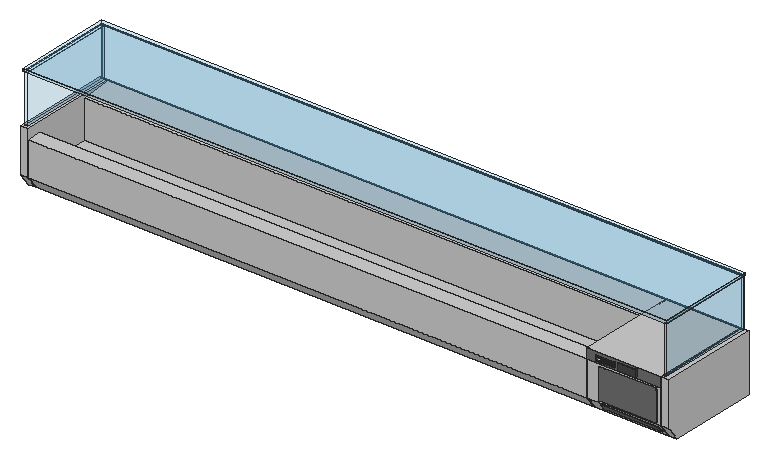
Revit family "Qf_Afinox_VRS2560V", category Specialty Equipment, Revit 2014
Parameters
  Show Logo [instance] = yes
  Show Clearance [instance] = yes
Reference planes
  plane 1 "Back": y = 0
  plane 2: z = 0
  plane 3 "Left": x = 0
  plane 4 "Right": x = 2560
  plane 5 "Front": y = -395
  plane 6 "Top": z = 225
Forms (mm)
  Extrusion 1, solid
    sketch origin (1460, 0, 0) x (0, 1, 0) y (0, 0, 1)
      loop
        line (0, 225) -> (-118.091, 213.424) -> (-118.091, 63.424) -> (-342.706, 63.424) -> (-342.706, 191.405) -> (-395, 186.278) -> (-395, 50) -> (-354.511, 0) -> (0, 0) -> (0, 225)
    from -1430 to 778
  Extrusion 2, solid
    sketch origin (0, 0, 0) x (0, 1, 0) y (0, 0, 1)
      loop
        line (0, 225) -> (-395, 225) -> (-395, 50) -> (-354.511, 0) -> (0, 0) -> (0, 225)
    from 0 to 30
  Extrusion 3, solid
    sketch origin (2530, 0, 0) x (0, 1, 0) y (0, 0, 1)
      loop
        line (0, 225) -> (-395, 225) -> (-395, 50) -> (-354.511, 0) -> (0, 0) -> (0, 225)
    from 0 to 30
  Extrusion 4, solid
    sketch origin (2500, 0, 0) x (0, 1, 0) y (0, 0, 1)
      loop
        line (0, 225) -> (-395, 225) -> (-395, 50) -> (-354.511, 0) -> (0, 0) -> (0, 225)
    from -262 to 30
  Extrusion 5, solid
    sketch origin (1460, -394, -0.038) x (1, 0, 0) y (0, 0, 1)
      loop
        arc (829.65, 178.011) -> (827.352, 177.059) -> (826.4, 174.761) r 3.25
        line (826.4, 174.761) -> (826.4, 59.261)
        arc (826.4, 59.261) -> (827.352, 56.963) -> (829.65, 56.011) r 3.25
        line (829.65, 56.011) -> (1050.15, 56.011)
        arc (1050.15, 56.011) -> (1052.448, 56.963) -> (1053.4, 59.261) r 3.25
        line (1053.4, 59.261) -> (1053.4, 174.761)
        arc (1053.4, 174.761) -> (1052.448, 177.059) -> (1050.15, 178.011) r 3.25
        line (1050.15, 178.011) -> (829.65, 178.011)
    from 0 to 2
  Extrusion 6, solid
    sketch origin (1460, -273.564, -98.372) x (1, 0, 0) y (0, -0.62932, 0.777146)
      loop
        arc (829.65, 178.011) -> (827.352, 177.059) -> (826.4, 174.761) r 3.25
        line (826.4, 174.761) -> (826.4, 141.843)
        arc (826.4, 141.843) -> (827.352, 139.544) -> (829.65, 138.593) r 3.25
        line (829.65, 138.593) -> (1050.15, 138.593)
        arc (1050.15, 138.593) -> (1052.448, 139.544) -> (1053.4, 141.843) r 3.25
        line (1053.4, 141.843) -> (1053.4, 174.761)
        arc (1053.4, 174.761) -> (1052.448, 177.059) -> (1050.15, 178.011) r 3.25
        line (1050.15, 178.011) -> (829.65, 178.011)
    from 0 to 2
  Extrusion 7, solid
    sketch origin (1452.335, -397, -1.215) x (1, 0, 0) y (0, 0, 1)
      loop
        line (912.065, 221.354) -> (912.065, 192.354) -> (983.065, 192.354) -> (983.065, 221.354) -> (912.065, 221.354)
    from 0 to 3
  Extrusion 8, solid, visible <- "Show Logo"
    sketch origin (2097.556, -397, -384.108) x (1, 0, 0) y (0, 0, 1)
      loop
        line (179.287, 599.596) -> (179.287, 579.899) -> (254.287, 579.899) -> (254.287, 599.596) -> (179.287, 599.596)
      loop
        line (199.226, 597.323) -> (199.226, 582.172) -> (253.014, 582.172) -> (253.014, 597.323) -> (199.226, 597.323)
      loop
        line (180.287, 597.323) -> (180.287, 582.172) -> (198.848, 582.172) -> (198.848, 597.323) -> (180.287, 597.323)
    from 0 to 2
  Extrusion 9, solid, visible <- "Show Logo"
    sketch origin (1304.53, -397, -622.718) x (1, 0, 0) y (0, 0, 1)
      loop
        arc (994.034, 825.04) -> (994.842, 823.416) -> (996.479, 824.198) r 1.293
        line (996.479, 824.198) -> (996.958, 825.22) -> (1000.192, 825.22) -> (1000.6, 824.198)
        arc (1000.6, 824.198) -> (1002.252, 823.366) -> (1003.039, 825.04) r 1.291
        line (1003.039, 825.04) -> (999.801, 832.415)
        arc (999.801, 832.415) -> (998.57, 833.402) -> (997.337, 832.418) r 1.263
        line (997.337, 832.418) -> (994.034, 825.04)
      loop
        line (999.576, 827.427) -> (998.603, 829.738) -> (997.631, 827.445) -> (999.576, 827.427)
      loop
        line (1004.344, 832.421) -> (1004.344, 824.556)
        arc (1004.344, 824.556) -> (1005.631, 823.448) -> (1006.918, 824.556) r 1.302
        line (1006.918, 824.556) -> (1006.918, 827.178) -> (1010.126, 827.178)
        arc (1010.126, 827.178) -> (1011.3, 828.493) -> (1010.126, 829.808) r 1.323
        line (1010.126, 829.808) -> (1006.918, 829.808) -> (1006.918, 830.954) -> (1010.126, 830.954)
        arc (1010.126, 830.954) -> (1011.264, 832.233) -> (1010.126, 833.511) r 1.287
        line (1010.126, 833.511) -> (1005.326, 833.511)
        arc (1005.326, 833.511) -> (1004.652, 833.13) -> (1004.344, 832.421) r 1.22
      loop
        line (1012.593, 832.457) -> (1012.593, 824.488)
        arc (1012.593, 824.488) -> (1013.928, 823.343) -> (1015.262, 824.488) r 1.35
        line (1015.262, 824.488) -> (1015.262, 832.457)
        arc (1015.262, 832.457) -> (1013.928, 833.516) -> (1012.593, 832.457) r 1.37
      loop
        arc (1019.372, 832.457) -> (1018.038, 833.516) -> (1016.703, 832.457) r 1.37
        line (1016.703, 832.457) -> (1016.703, 824.488)
        arc (1016.703, 824.488) -> (1018.038, 823.343) -> (1019.372, 824.488) r 1.35
        line (1019.372, 824.488) -> (1019.372, 828.473) -> (1022.448, 824.488)
        arc (1022.448, 824.488) -> (1023.783, 823.343) -> (1025.118, 824.488) r 1.35
        line (1025.118, 824.488) -> (1025.118, 832.457)
        arc (1025.118, 832.457) -> (1023.783, 833.516) -> (1022.448, 832.457) r 1.37
        line (1022.448, 832.457) -> (1022.448, 828.473) -> (1019.372, 832.457)
      loop
        circle (1031.159, 828.429) r 5.095
      loop
        circle (1031.159, 828.429) r 2.733
      loop
        line (1036.425, 831.5) -> (1038.763, 828.375) -> (1036.365, 825.267)
        arc (1036.365, 825.267) -> (1036.712, 823.621) -> (1038.393, 823.703) r 1.296
        line (1038.393, 823.703) -> (1040.42, 826.313) -> (1042.28, 823.703)
        arc (1042.28, 823.703) -> (1043.993, 823.58) -> (1044.434, 825.238) r 1.346
        line (1044.434, 825.238) -> (1042.048, 828.408) -> (1044.37, 831.408)
        arc (1044.37, 831.408) -> (1044.07, 833.196) -> (1042.269, 832.987) r 1.316
        line (1042.269, 832.987) -> (1040.366, 830.453) -> (1038.502, 833.054)
        arc (1038.502, 833.054) -> (1036.78, 833.19) -> (1036.425, 831.5) r 1.308
      loop
        line (1046.04, 835.933) -> (992.253, 835.933) -> (992.253, 820.782) -> (1046.04, 820.782) -> (1046.04, 835.933)
    from 0 to 2
  Extrusion 10, solid, visible <- "Show Logo"
    sketch origin (1297.402, -397, -442.664) x (1, 0, 0) y (0, 0, 1)
      loop
        line (980.441, 655.879) -> (980.441, 640.728) -> (999.001, 640.728) -> (999.001, 655.879) -> (980.441, 655.879)
      loop
        arc (982.146, 642.435) -> (982.404, 641.667) -> (983.211, 641.586) r 0.747
        line (983.211, 641.586) -> (989.781, 644.576) -> (996.334, 641.6)
        arc (996.334, 641.6) -> (997.088, 641.702) -> (997.296, 642.435) r 0.695
        line (997.296, 642.435) -> (990.231, 654.688)
        arc (990.231, 654.688) -> (989.721, 654.992) -> (989.211, 654.688) r 0.58
        line (989.211, 654.688) -> (982.146, 642.435)
    from 0 to 2
  Extrusion 11, solid, visible <- "Show Logo"
    sketch origin (1263.114, -397, -392.26) x (1, 0, 0) y (0, 0, 1)
      loop
        arc (1016.435, 592.031) -> (1016.693, 591.262) -> (1017.5, 591.182) r 0.747
        line (1017.5, 591.182) -> (1024.07, 594.172) -> (1030.623, 591.195)
        arc (1030.623, 591.195) -> (1031.377, 591.298) -> (1031.584, 592.031) r 0.695
        line (1031.584, 592.031) -> (1024.52, 604.283)
        arc (1024.52, 604.283) -> (1024.01, 604.588) -> (1023.5, 604.283) r 0.58
        line (1023.5, 604.283) -> (1016.435, 592.031)
      loop
        arc (1035.45, 594.582) -> (1036.258, 592.958) -> (1037.895, 593.739) r 1.293
        line (1037.895, 593.739) -> (1038.374, 594.762) -> (1041.608, 594.762) -> (1042.016, 593.739)
        arc (1042.016, 593.739) -> (1043.668, 592.908) -> (1044.455, 594.582) r 1.291
        line (1044.455, 594.582) -> (1041.218, 601.957)
        arc (1041.218, 601.957) -> (1039.986, 602.943) -> (1038.753, 601.959) r 1.263
        line (1038.753, 601.959) -> (1035.45, 594.582)
      loop
        line (1040.992, 596.969) -> (1040.02, 599.279) -> (1039.047, 596.987) -> (1040.992, 596.969)
      loop
        arc (1045.76, 594.097) -> (1047.047, 592.99) -> (1048.334, 594.097) r 1.302
        line (1048.334, 594.097) -> (1048.334, 596.72) -> (1051.542, 596.72)
        arc (1051.542, 596.72) -> (1052.716, 598.035) -> (1051.542, 599.35) r 1.323
        line (1051.542, 599.35) -> (1048.334, 599.35) -> (1048.334, 600.496) -> (1051.542, 600.496)
        arc (1051.542, 600.496) -> (1052.681, 601.774) -> (1051.542, 603.052) r 1.287
        line (1051.542, 603.052) -> (1046.742, 603.052)
        arc (1046.742, 603.052) -> (1046.069, 602.672) -> (1045.76, 601.962) r 1.22
        line (1045.76, 601.962) -> (1045.76, 594.097)
      loop
        arc (1054.01, 594.029) -> (1055.344, 592.884) -> (1056.679, 594.029) r 1.35
        line (1056.679, 594.029) -> (1056.679, 601.999)
        arc (1056.679, 601.999) -> (1055.344, 603.058) -> (1054.01, 601.999) r 1.37
        line (1054.01, 601.999) -> (1054.01, 594.029)
      loop
        arc (1058.12, 594.029) -> (1059.454, 592.884) -> (1060.789, 594.029) r 1.35
        line (1060.789, 594.029) -> (1060.789, 598.014) -> (1063.865, 594.029)
        arc (1063.865, 594.029) -> (1065.199, 592.884) -> (1066.534, 594.029) r 1.35
        line (1066.534, 594.029) -> (1066.534, 601.999)
        arc (1066.534, 601.999) -> (1065.199, 603.058) -> (1063.865, 601.999) r 1.37
        line (1063.865, 601.999) -> (1063.865, 598.014) -> (1060.789, 601.999)
        arc (1060.789, 601.999) -> (1059.454, 603.058) -> (1058.12, 601.999) r 1.37
        line (1058.12, 601.999) -> (1058.12, 594.029)
      loop
        circle (1072.575, 597.971) r 5.095
      loop
        circle (1072.575, 597.971) r 2.733
      loop
        line (1080.18, 597.917) -> (1077.782, 594.809)
        arc (1077.782, 594.809) -> (1078.129, 593.163) -> (1079.809, 593.245) r 1.296
        line (1079.809, 593.245) -> (1081.836, 595.854) -> (1083.697, 593.245)
        arc (1083.697, 593.245) -> (1085.409, 593.121) -> (1085.851, 594.78) r 1.346
        line (1085.851, 594.78) -> (1083.464, 597.949) -> (1085.787, 600.95)
        arc (1085.787, 600.95) -> (1085.486, 602.737) -> (1083.686, 602.528) r 1.316
        line (1083.686, 602.528) -> (1081.782, 599.994) -> (1079.918, 602.596)
        arc (1079.918, 602.596) -> (1078.197, 602.731) -> (1077.841, 601.041) r 1.308
        line (1077.841, 601.041) -> (1080.18, 597.917)
    from 0 to 2
  Extrusion 12, solid
    sketch origin (1325.935, -395, 3.646) x (1, 0, 0) y (0, 0, 1)
      loop
        line (912.065, 221.354) -> (912.065, 182.633) -> (1204.065, 182.633) -> (1204.065, 221.354) -> (912.065, 221.354)
    from 0 to 2
  Extrusion 13, solid
    sketch origin (1460, -6.8, 0) x (1, 0, 0) y (0, 0, 1)
      loop
        circle (1050, 20) r 5
    from -17.6 to -6.8
  Extrusion 14, solid
    sketch origin (1460, 0, 0) x (1, 0, 0) y (0, 0, 1)
      loop
        line (-1430, 13) -> (1070, 13) -> (1070, 186) -> (-1430, 186) -> (-1430, 13)
      loop
        circle (1050, 20) r 5
    from -10.8 to 0
  Extrusion 15, solid
    sketch origin (1455, 0, 0) x (0, 1, 0) y (0, 0, 1)
      loop
        line (-2, 428.598) -> (-391, 428.598) -> (-391, 416.598) -> (-2, 416.598) -> (-2, 428.598)
    from -1447.5 to 1097.5
  Extrusion 16, solid
    sketch origin (1460, 0, 0) x (0, 1, 0) y (0, 0, 1)
      loop
        line (-2, 416.598) -> (-8, 416.598) -> (-8, 225.598) -> (-2, 225.598) -> (-2, 416.598)
    from -1447.5 to 1087.5
  Extrusion 17, solid
    sketch origin (0, 0, 0) x (1, 0, 0) y (0, 0, 1)
      loop
        line (12.5, 416.598) -> (12.5, 225) -> (22.5, 225) -> (22.5, 416.598) -> (12.5, 416.598)
    from 8 to 386
  Extrusion 18, solid
    sketch origin (1460, 0, 0) x (1, 0, 0) y (0, 0, 1)
      loop
        line (1077.5, 416.598) -> (1077.5, 225.598) -> (1087.5, 225.598) -> (1087.5, 416.598) -> (1077.5, 416.598)
    from 2 to 386
Lines and regions (mm)
  symbolic lines, style "200-EquipBorder-2D"
    curve 1: line (0, 0, 0) -> (2560, 0, 0)
    curve 2: line (0, -395, 0) -> (0, 0, 0)
    curve 3: line (2560, -395, 0) -> (0, -395, 0)
    curve 4: line (2560, 0, 0) -> (2560, -395, 0)
    curve 5: line (30, 0, 0) -> (30, 10.8, 0)
    curve 6: line (30, 10.8, 0) -> (2530, 10.8, 0)
    curve 7: line (2530, 10.8, 0) -> (2530, 0, 0)
  symbolic lines, style "200-EquipInternal-2D"
    curve 8: line (7.5, -2, 0) -> (2552.5, -2, 0)
    curve 9: line (7.5, -391, 0) -> (7.5, -2, 0)
    curve 10: line (2552.5, -391, 0) -> (7.5, -391, 0)
    curve 11: line (2552.5, -2, 0) -> (2552.5, -391, 0)
    curve 12: line (2238, -391, 0) -> (2238, -395, 0)
    curve 13: line (2530, -391, 0) -> (2530, -395, 0)
    curve 14: line (30, -391, 0) -> (30, -395, 0)
Dimensions and locks
  plane 3 "Left" to plane 4 "Right" = 2560 mm
  plane 5 "Front" to plane 1 "Back" = 395 mm
  plane 6 "Top" to level = 225 mm
  aligned and locked: level to plane 2
  aligned and locked: Extrusion 1 to Extrusion 2
  aligned and locked: Extrusion 14 to Extrusion 1
  aligned and locked: Extrusion 16 to Extrusion 17
Connectors
  electrical at (2510, 10.8, 20)
    settings: on Extrusion 13, index 1, voltage 0 V, apparent load 0 VA, apparent load phase1 0 VA, apparent load phase2 0 VA, apparent load phase3 0 VA, power factor 1, load classification "Other", number of poles 1, system type 31, power factor state 1, is connector primary yes, connector utility no, sub classification motor no, connector description "Electrical connection"
